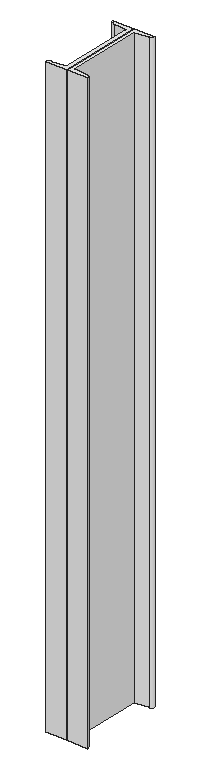
Revit family "M_Guia C dupla-Coluna", category Pilares estruturais, Revit 2019
Family settings
  Forma do corte = Não definido
  Material para o comportamento do modelo = Aço
  Exportar sempre como geometria = Não
  Redução da viga na planta = Da caixa de vinculação
  Número OmniClass = 23.25.30.11.14.11
  Título OmniClass = Columns
  ID de item do Seek = Double C-Channel-Column-0000-CAN-ENU
  Corte com vazios quando carregada = Não
  Representação simbólica = Das configurações de projeto
  Compartilhado = Não
  Exibir o pré-corte da família na vista da planta = Sim
Parameters (values of type "2C380X74")
  W = 1.46
  Structural Material [instance] = Aço, 45-345
  Espaço = 0 mm
  Código de montagem = "B10"
  bf = 94.4 mm
  d = 381 mm
  tf = 16.5 mm
  tw = 18.2 mm
  A = 19000.00 mm²
Reference planes
  plane 1: y = 0
  plane 2: z = 0
  plane 3: x = 0
  plane 4: x = -94.4
  plane 5: x = 94.4
  plane 6: y = 190.5
  plane 7: y = -190.5
  plane 8: x = 0
  plane 9: x = 0
  plane 10: y = 174
  plane 11: y = -174
  plane 12: x = 18.2
  plane 13: x = -18.2
  plane 14: x = 77.9
  plane 15: x = -77.9
Forms (mm)
  Extrusion 1, solid, material "Aço, 45-345" <- "Structural Material", detail levels medium
    sketch origin (0, 0, 0) x (1, 0, 0) y (0, 1, 0)
      loop
        line (94.4, 190.5) -> (0, 190.5) -> (0, -190.5) -> (94.4, -190.5) -> (94.4, -174) -> (18.2, -161.931) -> (18.2, 161.931) -> (94.4, 174) -> (94.4, 190.5)
    from 0 to 2700
  Extrusion 2, solid, material "Aço, 45-345" <- "Structural Material", detail levels fine
    sketch origin (0, 0, 0) x (1, 0, 0) y (0, 1, 0)
      loop
        line (94.4, 190.5) -> (0, 190.5) -> (0, -190.5) -> (94.4, -190.5)
        arc (94.4, -190.5) -> (89.567, -178.833) -> (77.9, -174) r 16.5
        line (77.9, -174) -> (18.2, -164.544) -> (18.2, 164.544) -> (77.9, 174)
        arc (77.9, 174) -> (89.567, 178.833) -> (94.4, 190.5) r 16.5
    from 0 to 2700
  Extrusion 3, solid, material "Aço, 45-345" <- "Structural Material", detail levels medium
    sketch origin (0, 0, 0) x (-1, 0, 0) y (0, -1, 0)
      loop
        line (94.4, -190.5) -> (94.4, -174) -> (18.2, -161.931) -> (18.2, 161.931) -> (94.4, 174) -> (94.4, 190.5) -> (0, 190.5) -> (0, -190.5) -> (94.4, -190.5)
    from 0 to 2700
  Extrusion 4, solid, material "Aço, 45-345" <- "Structural Material", detail levels fine
    sketch origin (0, 0, 0) x (-1, 0, 0) y (0, -1, 0)
      loop
        arc (94.4, -190.5) -> (89.567, -178.833) -> (77.9, -174) r 16.5
        line (77.9, -174) -> (18.2, -164.544) -> (18.2, 164.544) -> (77.9, 174)
        arc (77.9, 174) -> (89.567, 178.833) -> (94.4, 190.5) r 16.5
        line (94.4, 190.5) -> (0, 190.5) -> (0, -190.5) -> (94.4, -190.5)
    from 0 to 2700
Lines and regions (mm)
  symbolic lines, style "StructuralColumnStickSymbols", detail levels coarse
    curve 1: line (0, 190.5, 0) -> (94.4, 190.5, 0)
    curve 2: line (0, -190.5, 0) -> (94.4, -190.5, 0)
    curve 3: line (0, 190.5, 0) -> (0, -190.5, 0)
    curve 6: line (0, 190.5, 0) -> (-94.4, 190.5, 0)
    curve 7: line (0, -190.5, 0) -> (-94.4, -190.5, 0)
    curve 8: line (0, 190.5, 0) -> (0, -190.5, 0)
  symbolic lines, style "Faces ocultas", detail levels medium+fine
    curve 4: line (-18.2, 0, 0) -> (-18.2, 0, 2700)
    curve 5: line (18.2, 0, 2700) -> (18.2, 0, 0)
Dimensions and locks
  equal spacing: plane 7, plane 1, plane 6
  "d": plane 7 to plane 6
  equal spacing: plane 8, plane 3, plane 9
  "Espaço": plane 8 to plane 9
  "bf": plane 9 to plane 5
  "bf": plane 4 to plane 8
  "tf": plane 6 to plane 10
  "tf": plane 7 to plane 11
  "tw": plane 9 to plane 12
  "tw": plane 8 to plane 13
  "tf": plane 14 to plane 5
  "tf": plane 15 to plane 4
  "tf": radius of Extrusion 2 sketch curve  (x2)
  "tf": radius of Extrusion 4 sketch curve  (x2)
  locked: plane 10 to Extrusion 1 sketch curve (angle 9.00°)
  locked: Extrusion 1 sketch curve to plane 11 (angle 9.00°)
  locked: Extrusion 2 sketch curve to plane 11 (angle 9.00°)
  angle plane 10 to Extrusion 2 sketch curve = 9.00°
  locked: Extrusion 3 sketch curve to plane 10 (angle 9.00°)
  locked: plane 11 to Extrusion 3 sketch curve (angle 9.00°)
  locked: Extrusion 4 sketch curve to plane 10 (angle 9.00°)
  locked: plane 11 to Extrusion 4 sketch curve (angle 9.00°)
  aligned and locked: level to plane 2
  aligned and locked: plane 9 to curve 2
  aligned and locked: plane 9 to curve 1
  aligned and locked: plane 5 to curve 2
  aligned and locked: plane 5 to curve 1
  aligned and locked: plane 6 to curve 1
  aligned and locked: curve 7 to plane 7
  aligned and locked: curve 6 to plane 6
  aligned and locked: plane 4 to curve 6
  aligned and locked: plane 4 to curve 7
  aligned and locked: plane 7 to curve 3
  aligned and locked: plane 8 to curve 7
  aligned and locked: plane 8 to curve 6
  aligned and locked: level to curve 5
  aligned and locked: level to curve 4
  aligned and locked: plane 12 to curve 5
  aligned and locked: plane 13 to curve 4
  aligned and locked: plane 6 to Extrusion 1 sketch curve
  aligned and locked: Extrusion 1 sketch curve to plane 9
  aligned and locked: Extrusion 1 sketch curve to plane 7
  aligned and locked: plane 12 to Extrusion 1 sketch curve
  aligned and locked: plane 5 to Extrusion 1 sketch curve  (x4)
  aligned and locked: plane 11 to Extrusion 1 sketch curve
  aligned and locked: Extrusion 2 sketch curve to plane 6
  aligned and locked: plane 9 to Extrusion 2 sketch curve
  aligned and locked: plane 7 to Extrusion 2 sketch curve
  aligned and locked: Extrusion 2 sketch curve to plane 12
  aligned and locked: plane 14 to Extrusion 2 sketch curve  (x4)
  aligned and locked: plane 11 to Extrusion 2 sketch curve
  aligned and locked: plane 10 to Extrusion 2 sketch curve
  aligned and locked: plane 7 to Extrusion 3 sketch curve
  aligned and locked: plane 8 to Extrusion 3 sketch curve
  aligned and locked: Extrusion 3 sketch curve to plane 6
  aligned and locked: plane 4 to Extrusion 3 sketch curve  (x2)
  aligned and locked: Extrusion 3 sketch curve to plane 13
  aligned and locked: Extrusion 4 sketch curve to plane 8
  aligned and locked: plane 6 to Extrusion 4 sketch curve  (x2)
  aligned and locked: plane 13 to Extrusion 4 sketch curve
  aligned and locked: Extrusion 4 sketch curve to plane 7
  aligned and locked: plane 7 to Extrusion 4 sketch curve
  aligned and locked: plane 15 to Extrusion 4 sketch curve  (x2)
  aligned and locked: level to Extrusion 2
  aligned and locked: level to Extrusion 4
  aligned and locked: level to Extrusion 1
  aligned and locked: level to Extrusion 3
  aligned and locked: Extrusion 1 to plane 2
  aligned and locked: Extrusion 3 to plane 2
  aligned and locked: Extrusion 2 to plane 2
  aligned and locked: Extrusion 4 to plane 2
Automatic sketch dimensions
  curve 5 to level = 0 mm
  curve 4 to level = 0 mm
  Extrusion 1 sketch curve to plane 10 = 0 mm
  Extrusion 3 sketch curve to plane 11 = 0 mm
  Extrusion 3 sketch curve to plane 10 = 0 mm
Types in the file's own list only (30): name | W | Espaço | bf | d | tf | tw | A
  2C380X60 | 1.168 | 10 mm | 89 mm | 381 mm | 17 mm | 13 mm | 15160.00 mm²
  2C380X50.4 | 0.99 | 20 mm | 86 mm | 381 mm | 17 mm | 10 mm | 12840.00 mm²
  2C310X45 | 0.876 | 0 mm | 81 mm | 305 mm | 13 mm | 13 mm | 11380.00 mm²
  2C310X37 | 0.73 | 10 mm | 77 mm | 305 mm | 13 mm | 10 mm | 9460.00 mm²
  2C310X30.8 | 0.604 | 20 mm | 75 mm | 305 mm | 13 mm | 7 mm | 7840.00 mm²
  2C250X45 | 0.876 | 0 mm | 77 mm | 254 mm | 11 mm | 17 mm | 11380.00 mm²
  2C250X37 | 0.73 | 10 mm | 73 mm | 254 mm | 11 mm | 13 mm | 9480.00 mm²
  2C250X30 | 0.584 | 20 mm | 70 mm | 254 mm | 11 mm | 10 mm | 7580.00 mm²
  2C250X22.8 | 0.446 | 0 mm | 66 mm | 254 mm | 11 mm | 6 mm | 5780.00 mm²
  2C230X30 | 0.584 | 10 mm | 67 mm | 229 mm | 11 mm | 11 mm | 7580.00 mm²
  2C230X22 | 0.438 | 20 mm | 63 mm | 229 mm | 11 mm | 7 mm | 5680.00 mm²
  2C230X19.9 | 0.392 | 0 mm | 62 mm | 229 mm | 11 mm | 6 mm | 5080.00 mm²
  2C200X27.9 | 0.548 | 10 mm | 64 mm | 203 mm | 10 mm | 12 mm | 7100.00 mm²
  2C200X20.5 | 0.402 | 20 mm | 60 mm | 203 mm | 10 mm | 8 mm | 5200.00 mm²
  2C200X17.1 | 0.336 | 0 mm | 57 mm | 203 mm | 10 mm | 6 mm | 4360.00 mm²
  2C180X22 | 0.43 | 10 mm | 58 mm | 178 mm | 9 mm | 11 mm | 5580.00 mm²
  2C180X18.2 | 0.358 | 20 mm | 56 mm | 178 mm | 9 mm | 8 mm | 4640.00 mm²
  2C180X14.6 | 0.286 | 0 mm | 53 mm | 178 mm | 9 mm | 5 mm | 3700.00 mm²
  2C150X19.3 | 0.38 | 10 mm | 55 mm | 152 mm | 9 mm | 11 mm | 4920.00 mm²
  2C150X15.6 | 0.306 | 20 mm | 52 mm | 152 mm | 9 mm | 8 mm | 3960.00 mm²
  2C150X12.2 | 0.24 | 0 mm | 49 mm | 152 mm | 9 mm | 5 mm | 3080.00 mm²
  2C130X13 | 0.262 | 10 mm | 48 mm | 127 mm | 8 mm | 8 mm | 3400.00 mm²
  2C130X10.4 | 0.196 | 20 mm | 45 mm | 127 mm | 8 mm | 5 mm | 2540.00 mm²
  2C100X10.8 | 0.212 | 0 mm | 44 mm | 102 mm | 8 mm | 8 mm | 2740.00 mm²
  2C100X8 | 0.158 | 10 mm | 40 mm | 102 mm | 8 mm | 5 mm | 2040.00 mm²
  2C100X6.7 | 0.132 | 20 mm | 40 mm | 102 mm | 8 mm | 3 mm | 1782.00 mm²
  2C75X8.9 | 0.176 | 0 mm | 41 mm | 76 mm | 7 mm | 9 mm | 2280.00 mm²
  2C75X7.4 | 0.146 | 10 mm | 38 mm | 76 mm | 7 mm | 7 mm | 1894.00 mm²
  2C75X6.1 | 0.12 | 20 mm | 36 mm | 76 mm | 7 mm | 4 mm | 1554.00 mm²
  2C75X5.2 | 0.102 | 0 mm | 35 mm | 76 mm | 7 mm | 3 mm | 1406.00 mm²
